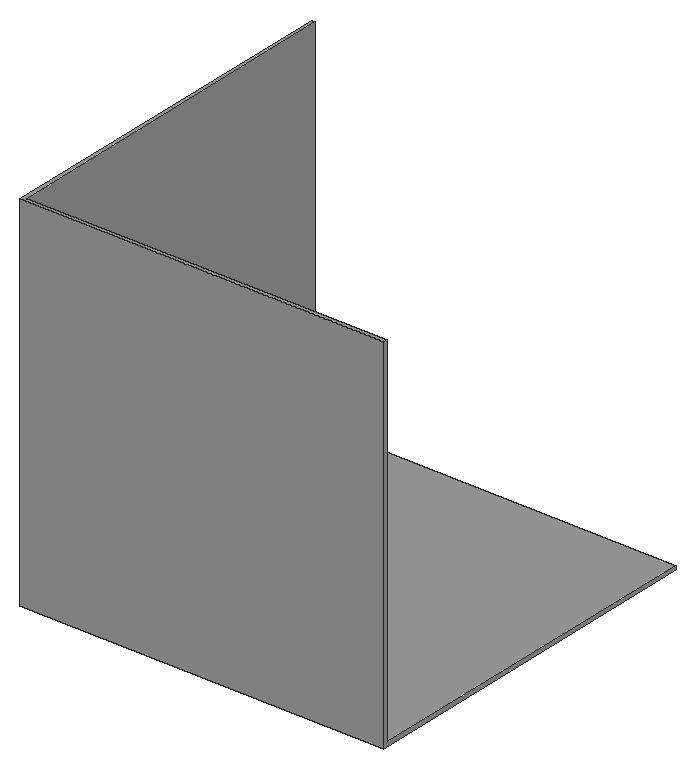
Revit family "Flashing_Preformed_Hyload_Inside90", category Generic Models, Revit 2016
Family settings
  Part Type = Normal
  Can host rebar = No
  Round Connector Dimension = Use Diameter
  OmniClass Number = 23.20.30.24.11
  OmniClass Title = Embedded Flashing
  Work Plane-Based = No
  Always vertical = Yes
  Cut with Voids When Loaded = No
  Shared = No
  Room Calculation Point = No
Parameters (values of type "As Specified")
  Unit Width = 0' - 6"
  Unit Height = 0' - 6"
  Unit Depth = 0' - 6"
  URL = "http://www.hyload.com/"
  Thickness = 0' - 0 1/16"
  Specification = "http://www.arcat.com/sdspecs/htm04/07_65_00hyl.htm"
  Sales Information = "http://www.hyload.com/contact-us"
  Revision = "R1_12-2015"
  Product Properties = "http://www.hyload.com/masonry-flashing/preformed-shapes/"
  Product Data = "http://www.arcat.com/arcatcos/cos33/arc33176.html"
  Model = "Inside Corner (90)"
  Manufacturer Website = "http://www.hyload.com/"
  Manufacturer Phone - Toll Free = "800-457-4056"
  Manufacturer Phone = "330-769-3546"
  Manufacturer Fax = "330-769-4153"
  Manufacturer Address = "5020 Panther Pkwy., Seville, OH 44273"
  Manufacturer = "Hyload"
  Keynote = "07 65 00"
  Flashing Material = Hyload Flashing Membrane - Grey
  Drawn By = "Robert S. Weygant / Sumex Design"
  Description = "Preformed Hyload Masonry Flashing - Inside Corner (90)"
  Copyright = "(c) ARCAT, Inc, 2015"
  Construction Details = "http://www.arcat.com/details/hyload/hyload.html?coid=33176"
  Assembly Code = "B3010400"
Reference planes (in)
  plane 1 "Center (Front/Back)": y = 0
  plane 2: z = 0
  plane 3 "Center (Left/Right)": x = 0
  plane 4: y = 6
  plane 5: x = 6
  plane 6: z = 6
Forms (in)
  Extrusion 1, solid, material "Hyload Flashing Membrane - Grey" <- "Flashing Material"
    sketch origin (0, 0, 0) x (1, 0, 0) y (0, 1, 0)
      loop
        line (0, 6) -> (0, 0) -> (6, 0) -> (6, 6) -> (0, 6)
    from 0 to 0.0625 <- "Thickness"
  Extrusion 2, solid, material "Hyload Flashing Membrane - Grey" <- "Flashing Material"
    sketch origin (0, 0, 0) x (1, 0, 0) y (0, 1, 0)
      loop
        line (0, 6) -> (0, 0) -> (6, 0) -> (6, 0.0625) -> (0.0625, 0.0625) -> (0.0625, 6) -> (0, 6)
    from 0 to 6 <- "Unit Height"
Cuts and joins
  joined: Extrusion 1, Extrusion 2
Dimensions and locks (in)
  "Unit Depth": plane 1 "Center (Front/Back)" to plane 4
  "Unit Width": plane 3 "Center (Left/Right)" to plane 5
  "Unit Height": plane 6 to level
  "Thickness": plane 1 "Center (Front/Back)" to Extrusion 2 sketch curve
  "Thickness": plane 3 "Center (Left/Right)" to Extrusion 2 sketch curve
  plane 3 "Center (Left/Right)" to Extrusion 2 = 0' - 6"
  aligned and locked: plane 2 to level
  aligned and locked: Extrusion 1 sketch curve to plane 4
  aligned and locked: plane 3 "Center (Left/Right)" to Extrusion 1 sketch curve
  aligned and locked: Extrusion 1 sketch curve to plane 1 "Center (Front/Back)"
  aligned and locked: Extrusion 1 sketch curve to plane 5
  aligned and locked: plane 4 to Extrusion 2 sketch curve
  aligned and locked: Extrusion 2 sketch curve to plane 3 "Center (Left/Right)"
  aligned and locked: plane 1 "Center (Front/Back)" to Extrusion 2 sketch curve
  aligned and locked: plane 5 to Extrusion 2 sketch curve
  aligned and locked: Extrusion 2 to level
